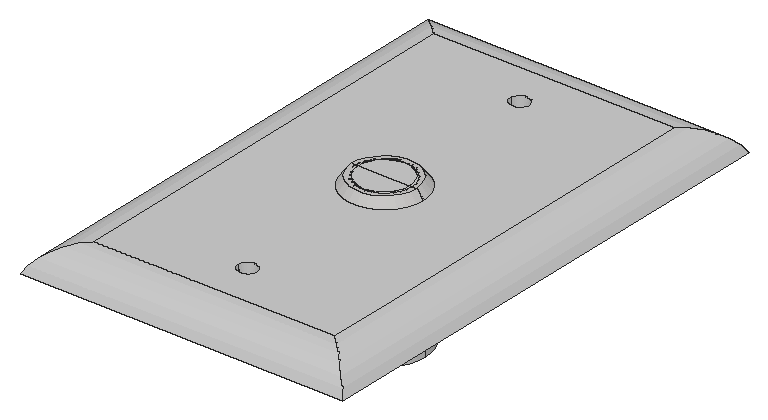
Revit family "LVS", category Communication Devices, host Face, Revit 2021
Family settings
  Host = Face
  Maintain Annotation Orientation = No
  Round Connector Dimension = Use Diameter
  Part Type = Normal
  OmniClass Number = 23.85.80.11.27
  OmniClass Title = Lighting Controls
  Cut with Voids When Loaded = No
  Shared = Yes
  Room Calculation Point = No
Parameters (values of type "LVS")
  Width = 3.15"
  Warranty = "5-Years Warranty"  # constant formula
  Type Comments = "Low Voltage Emergency Remote Test Button"  # constant formula
  Steel = Metal-Galvanized_Steel
  Product Page URL = ""
  Product Documentation Link = ""
  URL = "https://www.currentlighting.com/nxlightingcontrols"
  Model = "LVS"  # constant formula
  Manufacturer = " NX Lighting Controls"  # constant formula
  Height = 4.94"
  Feartures = "Attractive Flush mount design\r\n• Stainless Steel Latching button\r\n• Optional illuminated pilot button\r\n• Low Voltage 24VDC\r\n• Wall plate factory labeled\r\n• Compatible for use with select HCS Emergency controls:\r\nALCR1277 and NXRC-UL924-UNV*"  # constant formula
  Environmental Conditions = "• Rated for Indoor Use Only\r\n• Operating Temperature: -4° to 131°F\r\n(-20° to 55°C)\r\n• Relative humidity (non-condensing):0 to 95%"  # constant formula
  Description = "Low Voltage Emergency Remote Test Button"  # constant formula
  Default Elevation = 48.00"
  Copyright = "Copyright © NX Lighting Controls"  # constant formula
  Contact Us = ""
  Housing Material = Paint -  Light Silver
  Assembly Code = "D5090"
Reference planes (in)
  plane 1 "Center (Front/Back)": y = 11.68155
  plane 2: z = 0
  plane 3 "Center (Left/Right)": x = 0
  plane 4: z = 3.72
  plane 5: x = -1.575
  plane 6: x = 1.575
  plane 7: y = 14.15155
  plane 8: y = 9.21155
  plane 9: y = 13.32155
  plane 10: y = 10.04155
Forms (in)
  Extrusion 1, solid, material "Paint -  Light Silver" <- "Housing Material"
    sketch origin (0, 0, 0) x (1, 0, 0) y (0, 1, 0)
      loop
        line (-1.575, 14.15155) -> (-1.575, 9.21155) -> (1.575, 9.21155) -> (1.575, 14.15155) -> (-1.575, 14.15155)
    from 0 to 0.25
  Revolve 2, solid, material "Paint -  Light Silver" <- "Housing Material"
    sketch origin (0, 11.68155, 0.05469) x (1, 0, 0) y (0, 0, 1)
      loop
        line (0, -1.17109) -> (0.4, -1.17109) -> (0.4, 0.10863)
        arc (0.4, 0.10863) -> (0.39592, 0.13175) -> (0.38419, 0.15208) r 0.0676
        line (0.38419, 0.15208) -> (0.30091, 0.25132)
        arc (0.30091, 0.25132) -> (0.27889, 0.26822) -> (0.2518, 0.27422) r 0.06411
        line (0.2518, 0.27422) -> (0, 0.27422) -> (0, -1.17109)
      axis (0, 0.27422) -> (0, -1.17109)
    angle from 0 to 360
  Blend 3, void
    base sketch origin (0, -0.40625, 0) x (1, 0, 0) y (0, 1, 0)
      loop
        circle (0, 13.74226) r 0.09361
    top sketch origin (0, -0.40625, 0) x (1, 0, 0) y (0, 1, 0)
      loop
        circle (0, 13.74226) r 0.07
    from 0.25 to 0
  Blend 4, void
    base sketch origin (0, 23.76038, 0) x (1, 0, 0) y (0, 1, 0)
      loop
        circle (0, -13.74226) r 0.09361
    top sketch origin (0, 23.76038, 0) x (1, 0, 0) y (0, 1, 0)
      loop
        circle (0, -13.74226) r 0.07
    from 0.25 to 0
  Sweep 5, void
    path origin (0, 0, 0) x (1, 0, 0) y (0, 1, 0)
      loop
        line (-1.575, 14.15155) -> (-1.575, 9.21155) -> (1.575, 9.21155) -> (1.575, 14.15155) -> (-1.575, 14.15155)
    profile origin (0, 14.15155, 0) x (0, 1, 0) y (0, 0, 1)
      loop
        line (0, 0.25) -> (-0.4, 0.25)
        arc (-0.4, 0.25) -> (-0.16415, 0.18236) -> (0, 0) r 0.445
        line (0, 0) -> (0, 0.25)
  Revolve 6, solid, material "Metal-Galvanized_Steel" <- "Steel"
    sketch origin (0, 11.68155, 0) x (1, 0, 0) y (0, 0, 1)
      loop
        line (0.29872, 0.30858) -> (0.39195, 0.19748) -> (0.42271, 0.19748) -> (0.31279, 0.32848) -> (0.25604, 0.32848)
        arc (0.25604, 0.32848) -> (0.27959, 0.32326) -> (0.29872, 0.30858) r 0.05572
      axis (0, 0.32848) -> (0, 0.19748)
    angle from 0 to 360
Cuts and joins
  Blend 3, Blend 4, Sweep 5 cuts Extrusion 1
Dimensions and locks (in)
  plane 4 to plane 2 = 3.72"
  "Width": plane 5 to plane 6
  "Height": plane 8 to plane 7
  equal spacing: plane 5, plane 3 "Center (Left/Right)", plane 6
  equal spacing: plane 8, plane 1 "Center (Front/Back)", plane 7
  aligned and locked: plane 2 to host face
  aligned and locked: level to host face
Automatic sketch dimensions
  host sketch curve to host sketch curve = 96.00"  (x2)
  plane 8 to Extrusion 1 sketch curve = 0.00"
  Extrusion 1 sketch curve to plane 6 = 0.00"
  Blend 3 sketch curve to plane 3 "Center (Left/Right)" = 0.00"  (x2)
  plane 7 to Blend 3 sketch curve = 0.81554"  (x2)
  Blend 4 sketch curve to plane 3 "Center (Left/Right)" = 0.00"  (x2)
  plane 8 to Blend 4 sketch curve = 0.80656"  (x2)
  Revolve 2 sketch curve to plane 3 "Center (Left/Right)" = 0.00"  (x2)
  plane 3 "Center (Left/Right)" to Revolve 2 sketch curve = 0.2518"
  Revolve 2 sketch curve to Revolve 2 sketch curve = 0.04911"
  Revolve 2 sketch curve to Revolve 2 sketch curve = 0.08061"
  level to Revolve 2 sketch curve = 0.20676"
  Revolve 2 sketch curve to Revolve 2 sketch curve = 0.05178"
  plane 3 "Center (Left/Right)" to Revolve 2 sketch curve = 0.40"
  Revolve 2 sketch curve to level = 1.1164"
  Revolve 2 sketch curve to Revolve 2 sketch curve = 0.10149"
  Revolve 2 sketch curve to Revolve 2 sketch curve = 0.04121"
  Revolve 2 sketch curve to Revolve 2 sketch curve = 0.00"
  Revolve 2 sketch curve to Revolve 2 sketch curve = 1.55469"
  plane 7 to Extrusion 1 sketch curve = 0.00"
  Extrusion 1 sketch curve to plane 5 = 0.00"
  Sweep 5 sketch curve to plane 5 = 0.00"
  Sweep 5 sketch curve to plane 6 = 0.00"
  plane 8 to Sweep 5 sketch curve = 0.00"
  plane 7 to Sweep 5 sketch curve = 0.00"
  Sweep 5 sketch curve to profile plane = 0.00"
  Sweep 5 sketch curve to level = 0.00"
  Sweep 5 sketch curve to level = 0.195"
  level to Sweep 5 sketch curve = 0.25"
  Revolve 6 sketch curve to plane 3 "Center (Left/Right)" = 0.00"
  plane 3 "Center (Left/Right)" to Revolve 6 sketch curve = 0.25604"
  level to Revolve 6 sketch curve = 0.19748"
  Revolve 6 sketch curve to Revolve 6 sketch curve = 0.03076"
  Revolve 6 sketch curve to Revolve 6 sketch curve = 0.07529"
  Revolve 6 sketch curve to Revolve 6 sketch curve = 0.04268"
  Revolve 6 sketch curve to Revolve 6 sketch curve = 0.01406"
  Revolve 6 sketch curve to level = 24.00"
  Revolve 6 sketch curve to Revolve 6 sketch curve = 0.0199"
  Revolve 6 sketch curve to plane 4 = 51.80668"
  Revolve 6 sketch curve to Revolve 6 sketch curve = 0.09323"
  radius of Blend 3 sketch curve = 0.09361"
  radius of Blend 3 sketch curve = 0.07"
  radius of Blend 4 sketch curve = 0.09361"
  radius of Blend 4 sketch curve = 0.07"
Connectors (in)
  electrical at (0, 11.68155, 0.25)
    settings: on cut or joined group of Extrusion 1, Blend 3, Blend 4, Sweep 5, index 1, voltage 0 V, apparent load 0 VA, apparent load phase1 0 VA, apparent load phase2 0 VA, apparent load phase3 0 VA, power factor 1, load classification "Other", number of poles 1, system type 14, power factor state 1, is connector primary yes, connector utility no, sub classification motor no, connector description "Key"
